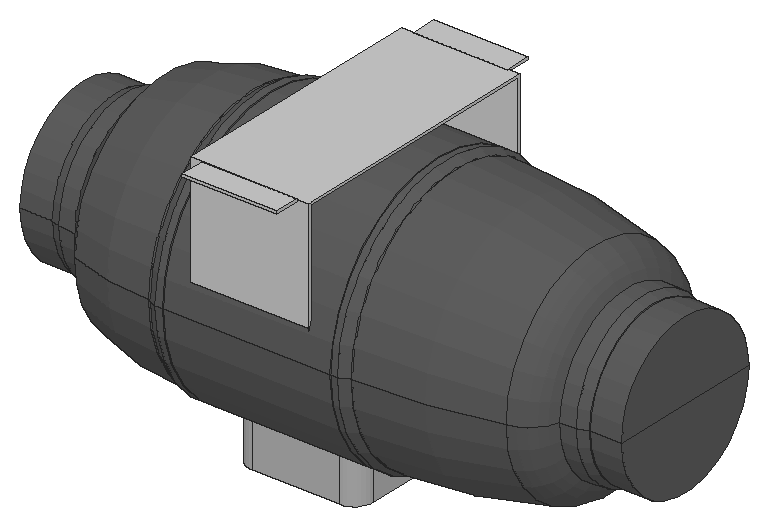
Revit family "AVS 125", category Mechanical Equipment, Revit 2023
Family settings
  Round Connector Dimension = Use Diameter
  Classification = None
  Part Type = Breaks Into
  OmniClass Number = 23.75.35.17.11
  OmniClass Title = Fans for Air Ductwork
  Work Plane-Based = No
  Always vertical = No
  Cut with Voids When Loaded = No
  Maintain Annotation Orientation = No
  Shared = No
  Room Calculation Point = No
Parameters (values of type "Aventa Silent AVS125")
  Weight = 4.60 kg
  Voltage = 230 V
  URL = "https://www.airflow.com/"
  Type Comments = "Inline fan single speed up to 340m3/h"
  Transported Air Temperature (°C) = "-25...+60"
  RPM (min-1) = 2310
  R1 = D1 / 2  # 107 mm
  Protection rating = "IPX4"
  Power Factor = 1
  Number of Poles = 1
  Noise Level at 3 m (dBa) = 28
  Mounting Hanger [instance] = yes
  Maintenance Zone Length Calc = if(Maintenance Zone Length < L, L, Maintenance Zone Length)  # 600 mm
  L27 = 6 mm
  L26 = 8 mm
  L25 = L21 - L22 - L23 - L24 - L26 - L27  # 110 mm
  L24 = 24 mm
  L21 = 169 mm
  L17 = 6 mm
  L16 = 8 mm
  L15 = L11 - L12 - L13 - L14 - L16 - L17  # 69 mm
  L14 = 19 mm
  L11 = 123 mm
  HangerW = 93 mm
  HangerL1 = 208 mm
  HangerL = 208 mm
  HangerH = HangerBaseH  # 113 mm
  HangerExtraL = yes
  HangerBaseH = 113 mm
  Model = "Aventa Silent AVS125"
  Manufacturer = "Airflow"
  Maintenance Zone Width = 600 mm
  Maintenance Zone Material = Maintenance Zone
  Maintenance Zone Length = 600 mm
  Maintenance Zone Height = 600 mm
  Maintenance Zone [instance] = no
  Load Classification = HVAC
  L23 = 13 mm
  L22 = 8 mm
  L2 = 25 mm
  L13 = 13 mm
  L12 = 8 mm
  L1 = 25 mm
  L = 474 mm
  Hanger Material = Metal Zinc
  Flow direction symbol [instance] = yes
  Flow Factor [instance] = 1  # constant formula
  Family Version = "1.0"  # constant formula
  ElBoxW = 116 mm
  ElBoxR = 15 mm  # constant formula
  ElBoxL = 98 mm
  ElBoxH = 124 mm
  Distribution Box Material = Distribution Box Dark Grey
  Description = "Inline mixed-flow fan suitable for domestic and light commercial facilities"
  Default Elevation = 0 mm
  Dd26 = 41 mm
  Dd24 = 26 mm
  Dd22 = 3 mm
  Dd23 = 4 mm
  Dd16 = 41 mm
  Dd14 = 28 mm
  Dd13 = 4 mm
  Dd12 = 3 mm
  D1 = 214 mm
  D = 125 mm
  Copyright = "©Airflow"
  Duct Connection Size = 125 mm
  Fan Material = Metal Black
  Maximum Air Flow = 340 m³/h
  Air Flow [instance] = 0 m³/h
  Power = 29 W
  Current = 0.13 A
  Apparent Power = Power / Power Factor  # 29 VA
Reference planes
  plane 1 "Center (Front/Back)": y = 0
  plane 2: z = 0
  plane 3 "Center (Left/Right)": x = 0
  plane 4: y = 62.5
  plane 5: y = -62.5
  plane 6: y = 107
  plane 7: y = -107
  plane 8: x = 474
  plane 9 "C": x = 280
  plane 10: x = 148
  plane 11 "CenterL": x = 237
  plane 12: x = 25
  plane 13: x = 142
  plane 14: y = 65.5
  plane 15 "CenterOfCentralPart": x = 214
  plane 16: y = 58
  plane 17: y = -58
  plane 18: x = 165
  plane 19: x = 263
  plane 20 "ElBoxHeight": z = -124
  plane 21 "HangerHeight": z = 113
  plane 22: y = 66.5
  plane 23: y = 90.5
  plane 24: x = 65
  plane 25: x = 46
  plane 26: x = 33
  plane 27: x = 134
  plane 28: y = 103.5
  plane 29: x = 135
  plane 30: x = 286
  plane 31: y = 65.5
  plane 32: y = 66.5
  plane 33: y = 88.5
  plane 34: x = 404
  plane 35: x = 428
  plane 36: x = 441
  plane 37: x = 294
  plane 38: y = 103.5
  plane 39: x = 293
  plane 40: x = 449
Forms (mm)
  Revolve 1, solid, material "Metal Black" <- "Fan Material", detail levels medium+fine
    sketch origin (368, 0, 0) x (1, 0, 0) y (0, 1, 0)
      loop
        line (-343, 0) -> (-220, 0) -> (-220, 107) -> (-226, 107) -> (-233, 103.5) -> (-234, 103.5)
        arc (-234, 103.5) -> (-269.107, 100.222) -> (-303, 90.5) r 189.615
        arc (-303, 90.5) -> (-312.901, 78.817) -> (-322, 66.5) r 229.385
        line (-322, 66.5) -> (-335, 65.5) -> (-343, 62.5) -> (-343, 0)
      axis (-220, 0) -> (-343, 0)
    angle from 0 to 360
  Revolve 2, solid, material "Metal Black" <- "Fan Material", detail levels medium+fine
    sketch origin (368, 0, 0) x (1, 0, 0) y (0, 1, 0)
      loop
        line (81, 62.5) -> (81, 0) -> (106, 0) -> (106, 62.5) -> (81, 62.5)
      axis (106, 0) -> (81, 0)
    angle from 0 to 360
  Revolve 3, solid, material "Metal Black" <- "Fan Material", detail levels medium+fine
    sketch origin (368, 0, 0) x (1, 0, 0) y (0, 1, 0)
      loop
        line (-368, 62.5) -> (-368, 0) -> (-343, 0) -> (-343, 62.5) -> (-368, 62.5)
      axis (-343, 0) -> (-368, 0)
    angle from 0 to 360
  Revolve 4, solid, material "Metal Black" <- "Fan Material", detail levels medium+fine
    sketch origin (0, 0, 0) x (1, 0, 0) y (0, 1, 0)
      loop
        line (148, 107) -> (148, 0) -> (280, 0) -> (280, 107) -> (148, 107)
      axis (148, 0) -> (280, 0)
    angle from 0 to 360
  Extrusion 5, solid, material "Distribution Box Dark Grey" <- "Distribution Box Material", detail levels medium+fine
    sketch origin (0, 0, 0) x (1, 0, 0) y (0, 1, 0)
      loop
        arc (180, 58) -> (169.393, 53.607) -> (165, 43) r 15
        line (165, 43) -> (165, -43)
        arc (165, -43) -> (169.393, -53.607) -> (180, -58) r 15
        line (180, -58) -> (248, -58)
        arc (248, -58) -> (258.607, -53.607) -> (263, -43) r 15
        line (263, -43) -> (263, 43)
        arc (263, 43) -> (258.607, 53.607) -> (248, 58) r 15
        line (248, 58) -> (180, 58)
    from 0 to -124
  Revolve 6, solid, material "Metal Black" <- "Fan Material", detail levels medium+fine
    sketch origin (117, 0, 0) x (-1, 0, 0) y (0, 1, 0)
      loop
        line (-332, 0) -> (-163, 0) -> (-163, 107) -> (-169, 107) -> (-176, 103.5) -> (-177, 103.5)
        arc (-177, 103.5) -> (-232.509, 99.733) -> (-287, 88.5) r 410.833
        arc (-287, 88.5) -> (-301.639, 80.379) -> (-311, 66.5) r 35.882
        line (-311, 66.5) -> (-324, 65.5) -> (-332, 62.5) -> (-332, 0)
      axis (-163, 0) -> (-332, 0)
    angle from 0 to 360
Cuts and joins
  joined: Revolve 1, Revolve 3
Dimensions and locks
  equal spacing: plane 4, plane 1 "Center (Front/Back)", plane 5
  "D": plane 4 to plane 5
  equal spacing: plane 7, plane 1 "Center (Front/Back)", plane 6
  "D1": plane 6 to plane 7
  "L": plane 3 "Center (Left/Right)" to plane 8
  equal spacing: plane 3 "Center (Left/Right)", plane 11 "CenterL", plane 8
  "L1": plane 3 "Center (Left/Right)" to plane 12
  "Dd12": plane 14 to plane 4
  equal spacing: plane 10, plane 15 "CenterOfCentralPart", plane 9 "C"
  equal spacing: plane 17, plane 1 "Center (Front/Back)", plane 16
  "ElBoxW": plane 16 to plane 17
  equal spacing: plane 18, plane 15 "CenterOfCentralPart", plane 19
  "ElBoxL": plane 18 to plane 19
  "ElBoxH": level to plane 20 "ElBoxHeight"
  "HangerBaseH": plane 21 "HangerHeight" to level
  "Dd13": plane 22 to plane 4
  "Dd14": plane 23 to plane 4
  "L11": plane 12 to plane 10
  "L12": plane 12 to plane 26
  "L13": plane 26 to plane 25
  "L14": plane 25 to plane 24
  "L17": plane 13 to plane 10
  "L16": plane 27 to plane 13
  "Dd16": plane 28 to plane 4
  locked: plane 27 to plane 29 at 1
  "L23": plane 36 to plane 35
  "L24": plane 35 to plane 34
  "L26": plane 37 to plane 30
  locked: plane 37 to plane 39 at 1
  "L2": plane 40 to plane 8
  "L21": plane 9 "C" to plane 40
  "L22": plane 36 to plane 40
  "L27": plane 9 "C" to plane 30
  "Dd22": plane 31 to plane 4
  "Dd23": plane 32 to plane 4
  "Dd24": plane 33 to plane 4
  "Dd26": plane 38 to plane 4
  "ElBoxR": radius of Extrusion 5 sketch curve  (x4)
  aligned and locked: level to plane 2
  aligned and locked: Revolve 2 sketch curve to plane 4
  aligned and locked: Revolve 2 sketch curve to plane 8
  aligned and locked: Revolve 2 sketch curve to plane 1 "Center (Front/Back)"
  aligned and locked: Revolve 3 sketch curve to plane 4
  aligned and locked: Revolve 3 sketch curve to plane 1 "Center (Front/Back)"
  aligned and locked: plane 3 "Center (Left/Right)" to Revolve 3 sketch curve
  aligned and locked: plane 1 "Center (Front/Back)" to nested 1
  aligned and locked: nested 2 to level
  aligned and locked: plane 1 "Center (Front/Back)" to nested 3
  aligned and locked: nested 3 to plane 3 "Center (Left/Right)"
  aligned and locked: plane 1 "Center (Front/Back)" to nested 4
  aligned and locked: Revolve 4 sketch curve to plane 6
  aligned and locked: Revolve 4 sketch curve to nested 4
  aligned and locked: Revolve 4 sketch curve to Revolve 4 sketch curve  (x2)
  aligned and locked: plane 11 "CenterL" to nested 4
  aligned and locked: Revolve 4 sketch curve to plane 9 "C"
  aligned and locked: plane 15 "CenterOfCentralPart" to nested 1
  aligned and locked: Extrusion 5 sketch curve to plane 16
  aligned and locked: plane 18 to Extrusion 5 sketch curve
  aligned and locked: plane 17 to Extrusion 5 sketch curve
  aligned and locked: Extrusion 5 sketch curve to plane 19
  aligned and locked: Extrusion 5 to plane 20 "ElBoxHeight"
  aligned and locked: plane 15 "CenterOfCentralPart" to nested 2
  aligned and locked: nested 5 to plane 1 "Center (Front/Back)"
  aligned and locked: plane 15 "CenterOfCentralPart" to nested 5
  aligned and locked: Revolve 1 sketch curve to plane 1 "Center (Front/Back)"
  aligned and locked: plane 4 to Revolve 1 sketch curve
  aligned and locked: plane 1 "Center (Front/Back)" to Revolve 1 sketch curve
  aligned and locked: Revolve 1 sketch curve to plane 6
  aligned and locked: plane 29 to Revolve 1 sketch curve
  aligned and locked: plane 28 to Revolve 1 sketch curve
  aligned and locked: Revolve 6 sketch curve to plane 39
  aligned and locked: Revolve 6 sketch curve to plane 38
  aligned and locked: Revolve 2 to plane 40
Automatic sketch dimensions
  plane 1 "Center (Front/Back)" to Revolve 2 sketch curve = 0 mm
  Revolve 2 sketch curve to plane 8 = 25 mm
  Revolve 2 sketch curve to plane 3 "Center (Left/Right)" = 1632 mm
  Revolve 2 sketch curve to Revolve 2 sketch curve = 2138 mm
  plane 1 "Center (Front/Back)" to Revolve 3 sketch curve = 0 mm
  Revolve 3 sketch curve to plane 12 = 0 mm
  Revolve 3 sketch curve to plane 3 "Center (Left/Right)" = 1646 mm
  plane 8 to Revolve 3 sketch curve = 2149 mm
  Revolve 4 sketch curve to plane 10 = 0 mm
  Revolve 4 sketch curve to plane 11 "CenterL" = 0 mm
  Revolve 1 sketch curve to plane 12 = 0 mm
  Revolve 1 sketch curve to plane 14 = 0 mm
  Revolve 1 sketch curve to plane 26 = 0 mm
  Revolve 1 sketch curve to plane 22 = 0 mm
  Revolve 1 sketch curve to plane 25 = 0 mm
  Revolve 1 sketch curve to plane 23 = 0 mm
  Revolve 1 sketch curve to plane 24 = 0 mm
  Revolve 1 sketch curve to plane 27 = 0 mm
  Revolve 1 sketch curve to plane 13 = 0 mm
  Revolve 1 sketch curve to plane 10 = 0 mm
  Revolve 1 sketch curve to plane 5 = 1.062 mm
  Revolve 1 sketch curve to plane 3 "Center (Left/Right)" = 2000 mm
  plane 8 to Revolve 1 sketch curve = 1495 mm
  plane 1 "Center (Front/Back)" to Revolve 6 sketch curve = 0 mm  (x2)
  Revolve 6 sketch curve to plane 40 = 0 mm
  Revolve 6 sketch curve to plane 31 = 0 mm
  Revolve 6 sketch curve to plane 36 = 0 mm
  Revolve 6 sketch curve to plane 32 = 0 mm
  Revolve 6 sketch curve to plane 35 = 0 mm
  Revolve 6 sketch curve to plane 33 = 0 mm  (x2)
  Revolve 6 sketch curve to plane 34 = 0 mm
  Revolve 6 sketch curve to plane 37 = 0 mm
  Revolve 6 sketch curve to plane 6 = 0 mm
  Revolve 6 sketch curve to plane 30 = 0 mm
  Revolve 6 sketch curve to plane 9 "C" = 0 mm
  Revolve 6 sketch curve to plane 4 = 0 mm
  Revolve 6 sketch curve to plane 8 = 1980 mm
  plane 3 "Center (Left/Right)" to Revolve 6 sketch curve = 1515 mm
Nested families
  nested 1: "GraphicalSymbol_Fun_FlowDirection" at (214, 0, 0), visible <- "Flow direction symbol", type "GraphicalSymbol_Fun_FlowDirection", detail levels medium+fine
    with Length 50 mm, Height 50 mm, B 25 mm, A 16.667 mm
  nested 2: "GraphicalSymbol_Fun_FlowDirection" at (214, 0, 0) x (1, 0, 0) z (0, -1, 0), type "GraphicalSymbol_Fun_FlowDirection"
    with Length 50 mm, Height 50 mm, B 25 mm, A 16.667 mm
  nested 3: "GraphicalSymbol_Fan_1" at (237, 0, 0), type "GraphicalSymbol_Fan_1", detail levels coarse
    with Diameter 474 mm, A 118.5 mm
  nested 4: "MaintenanceZone_Rect" at (237, 0, 0), visible <- "Maintenance Zone", type "MaintenanceZone_Rect", detail levels medium+fine
    with Maintenance Zone Width 600 mm, Maintenance Zone Length 600 mm, Maintenance Zone Height 600 mm
  nested 5: "MountingHanger" at (214, 0, 113) x (0, 1, 0) z (0, 0, -1), visible <- "Mounting Hanger", type "MountingHanger", detail levels medium+fine
    with Width1 74.4 mm, Width 93 mm, Length2 248 mm, Length 208 mm, Lenght1Calc 207.5 mm, Length1 208 mm, Height 113 mm, ExtraLength yes
Connectors
  hvac at (0, 0, 0), driven by "Duct Connection Size", driven by "Air Flow"
    settings: on cut or joined group of Revolve 1, Revolve 3, index 4, duct flow 0 m³/h, flow factor 0, pres drop 0.0 Pa, loss coef 0, conn angle 0.00°, conn width 304.8 mm, conn height 304.8 mm, conn diameter 125 mm, duct sys type 29, conn prof type 0, flow config 0, flow direction 0, loss method 0, conn ref index 5, conn util no, is conn primary yes, conn desc ""
  hvac at (474, 0, 0), driven by "Duct Connection Size"
    settings: on Revolve 2, index 5, duct flow 0 m³/h, flow factor 0, pres drop 0.0 Pa, loss coef 0, conn angle 0.00°, conn width 304.8 mm, conn height 304.8 mm, conn diameter 125 mm, duct sys type 28, conn prof type 0, flow config 0, flow direction 0, loss method 0, conn ref index 4, conn util no, is conn primary no, conn desc ""
  electrical at (214, 0, -124), driven by "Number of Poles", driven by "Load Classification", driven by "Voltage", driven by "Apparent Power", driven by "Power Factor"
    settings: on Extrusion 5, index 6, voltage 230 V, apparent load 29 VA, apparent load phase1 0 VA, apparent load phase2 0 VA, apparent load phase3 0 VA, power factor 1, load classification "HVAC", number of poles 1, system type 30, power factor state 1, is connector primary yes, connector utility no, sub classification motor no, connector description ""
Definition of nested family "MaintenanceZone_Rect"
  Parameters (values of type "MaintenanceZone_Rect")
    Maintenance Zone Width = 500 mm
    Material = none
    Maintenance Zone Length = 1000 mm
    Maintenance Zone Height = 300 mm
    Family Version = ""
    Default Elevation = 1219.2 mm
    Copyright = ""
  Reference planes
    plane 1 "Center (Front/Back)": y = 0
    plane 2: z = 0
    plane 3 "Center (Left/Right)": x = 0
    plane 4: x = -500
    plane 5: x = 500
    plane 6: y = 250
    plane 7: y = -250
    plane 8: z = -300
  Forms (mm)
    Extrusion 1, solid, material <- "Material", detail levels medium+fine
      sketch origin (0, 0, 0) x (1, 0, 0) y (0, 1, 0)
        loop
          line (-500, 250) -> (-500, -250) -> (500, -250) -> (500, 250) -> (-500, 250)
      from 0 to -300
  Lines and regions (mm)
    symbolic lines, detail levels medium+fine
      curve 1: line (-500, 0, 0) -> (500, 0, 0)
      curve 2: line (-500, 0, -300) -> (-500, 0, 0)
      curve 3: line (500, 0, -300) -> (-500, 0, -300)
      curve 4: line (500, 0, 0) -> (500, 0, -300)
      curve 5: line (0, 250, 0) -> (0, -250, 0)
      curve 6: line (0, 250, -300) -> (0, 250, 0)
      curve 7: line (0, -250, -300) -> (0, 250, -300)
      curve 8: line (0, -250, 0) -> (0, -250, -300)
      curve 9: line (-500, 250, 0) -> (500, 250, 0)
      curve 10: line (-500, -250, 0) -> (-500, 250, 0)
      curve 11: line (500, -250, 0) -> (-500, -250, 0)
      curve 12: line (500, 250, 0) -> (500, -250, 0)
  Dimensions and locks
    equal spacing: plane 6, plane 1 "Center (Front/Back)", plane 7
    equal spacing: plane 4, plane 3 "Center (Left/Right)", plane 5
    "Maintenance Zone Width": plane 6 to plane 7
    "Maintenance Zone Length": plane 4 to plane 5
    "Maintenance Zone Height": plane 2 to plane 8
    aligned and locked: level to plane 2
    aligned and locked: Extrusion 1 sketch curve to plane 6
    aligned and locked: plane 4 to Extrusion 1 sketch curve
    aligned and locked: plane 7 to Extrusion 1 sketch curve
    aligned and locked: Extrusion 1 sketch curve to plane 5
    aligned and locked: Extrusion 1 to plane 8
    aligned and locked: curve 1 to Extrusion 1
    aligned and locked: curve 2 to Extrusion 1
    aligned and locked: curve 3 to Extrusion 1
    aligned and locked: curve 4 to Extrusion 1
    aligned and locked: curve 5 to Extrusion 1
    aligned and locked: curve 6 to Extrusion 1
    aligned and locked: curve 7 to Extrusion 1
    aligned and locked: curve 8 to Extrusion 1
    aligned and locked: curve 9 to Extrusion 1
    aligned and locked: curve 10 to Extrusion 1
    aligned and locked: curve 11 to Extrusion 1
    aligned and locked: curve 12 to Extrusion 1
Definition of nested family "MountingHanger"
  Parameters (values of type "MountingHanger")
    Width1 = Width * 0.8  # 160 mm
    Width = 200 mm
    Thikness = 2 mm
    Material = none
    Length2 = Length + 20 mm * 2  # 518 mm
    Length = 478 mm
    Lenght1Calc = if(Length1 = Length, Length - 0.5 mm, Length1)  # 396 mm
    Length1 = 396 mm
    Height1 = 10 mm
    Height = 219 mm
    ExtraLength = no
    Default Elevation = 1219.2 mm
  Reference planes
    plane 1 "Center (Front/Back)": y = 0
    plane 2: z = 0
    plane 3 "Center (Left/Right)": x = 0
    plane 4: x = -239
    plane 5: x = 239
    plane 6: y = 100
    plane 7: y = -100
    plane 8: z = 219
    plane 9: x = -198
    plane 10: x = 198
    plane 11: z = 209
    plane 12: y = 80
    plane 13: y = -80
    plane 14: x = -259
    plane 15: x = 259
    plane 16: x = -239
    plane 17: x = 239
  Forms (mm)
    Extrusion 1, solid, material <- "Material"
      sketch origin (0, 0, 0) x (1, 0, 0) y (0, 0, 1)
        loop
          line (-198, 209) -> (-239, 0) -> (239, 0) -> (198, 209) -> (198, 219) -> (196, 219) -> (196, 208.806) -> (236.57, 2) -> (-236.57, 2) -> (-196, 208.806) -> (-196, 219) -> (-198, 219) -> (-198, 209)
      from -100 to 100
    Extrusion 2, solid, material <- "Material", visible <- "ExtraLength"
      sketch origin (0, 0, 0) x (1, 0, 0) y (0, 1, 0)
        loop
          line (-259, 80) -> (-259, -80) -> (-239, -80) -> (-239, 80) -> (-259, 80)
        loop
          line (239, 80) -> (239, -80) -> (259, -80) -> (259, 80) -> (239, 80)
      from 0 to 2
  Dimensions and locks
    equal spacing: plane 4, plane 3 "Center (Left/Right)", plane 5
    "Length": plane 4 to plane 5
    plane 8 to level = 219 mm
    equal spacing: plane 6, plane 1 "Center (Front/Back)", plane 7
    "Width": plane 6 to plane 7
    "Height": plane 8 to level
    "Thikness": Extrusion 1 sketch curve to level
    "Thikness": Extrusion 1 sketch curve to Extrusion 1 sketch curve  (x2)
    "Thikness": Extrusion 1 sketch curve to plane 9
    "Thikness": plane 10 to Extrusion 1 sketch curve
    equal spacing: plane 9, plane 3 "Center (Left/Right)", plane 10
    "Lenght1Calc": plane 9 to plane 10
    "Height1": plane 8 to plane 11
    equal spacing: plane 12, plane 1 "Center (Front/Back)", plane 13
    "Width1": plane 12 to plane 13
    equal spacing: plane 14, plane 3 "Center (Left/Right)", plane 15
    "Length2": plane 14 to plane 15
    "Thikness": Extrusion 2 to level
    equal spacing: plane 16, plane 3 "Center (Left/Right)", plane 17
    "Length": plane 16 to plane 17
    aligned and locked: level to plane 2
    aligned and locked: plane 6 to Extrusion 1
    aligned and locked: Extrusion 1 to plane 7
    aligned and locked: plane 9 to Extrusion 1 sketch curve
    aligned and locked: plane 10 to Extrusion 1 sketch curve
    aligned and locked: Extrusion 2 sketch curve to plane 12  (x2)
    aligned and locked: plane 14 to Extrusion 2 sketch curve
    aligned and locked: plane 13 to Extrusion 2 sketch curve  (x2)
    aligned and locked: Extrusion 2 sketch curve to plane 16
    aligned and locked: plane 17 to Extrusion 2 sketch curve
    aligned and locked: Extrusion 2 sketch curve to plane 15
  Automatic sketch dimensions
    Extrusion 1 sketch curve to level = 0 mm
    Extrusion 1 sketch curve to plane 4 = 0 mm
    Extrusion 1 sketch curve to plane 5 = 0 mm
    Extrusion 1 sketch curve to plane 11 = 0 mm  (x2)
    Extrusion 1 sketch curve to plane 8 = 0 mm  (x2)
Definition of nested family "GraphicalSymbol_Fun_FlowDirection"
  Parameters (values of type "GraphicalSymbol_Fun_FlowDirection")
    Length = 100 mm
    Height = Length  # 100 mm
    B = Length / 2  # 50 mm
    A = Length / 3  # 33.333 mm
  Reference planes
    plane 1 "Center (Front/Back)": y = 0
    plane 2: z = 0
    plane 3 "Center (Left/Right)": x = 0
    plane 4: x = -33.333
    plane 5: x = 50
    plane 6: y = 50
    plane 7: y = -50
  Lines and regions (mm)
    detail lines, in view "Ref. Level"
      curve 1: line (-33.333, 50, 0) -> (-33.333, -50, 0)
      curve 2: line (50, 0, 0) -> (-33.333, -50, 0)
      curve 3: line (50, 0, 0) -> (-33.333, 50, 0)
  Dimensions and locks
    "A": plane 4 to plane 3 "Center (Left/Right)"
    "B": plane 3 "Center (Left/Right)" to plane 5
    equal spacing: plane 6, plane 1 "Center (Front/Back)", plane 7
    "Height": plane 6 to plane 7
    aligned and locked: curve 1 to plane 4
  Automatic sketch dimensions
    plane 1 "Center (Front/Back)" to curve 3 = 0 mm
    curve 3 to plane 5 = 0 mm
    curve 2 to plane 7 = 0 mm
    curve 3 to plane 6 = 0 mm
Definition of nested family "GraphicalSymbol_Fan_1"
  Parameters (values of type "GraphicalSymbol_Fan_1")
    Diameter = 100 mm
    Default Elevation = 1219.2 mm
    A = Diameter / 4  # 25 mm
  Reference planes
    plane 1 "Center (Front/Back)": y = 0
    plane 2: z = 0
    plane 3 "Center (Left/Right)": x = 0
    plane 4: x = -25
  Lines and regions (mm)
    model lines
      curve 1: circle (0, 0, 0) r 50 normal (0, 0, 1)
      curve 4: line (-25, 43.301, 0) -> (-25, -43.301, 0)
      curve 5: line (-25, 43.301, 0) -> (50, 0, 0)
      curve 6: line (-25, -43.301, 0) -> (50, 0, 0)
    reference lines
      curve 2: line (50, 141.389, 0) -> (50, -158.611, 0)
      curve 3: line (-50, 141.389, 0) -> (-50, -158.611, 0)
  Dimensions and locks
    equal spacing: curve 3, plane 3 "Center (Left/Right)", curve 2
    "Diameter": curve 3 to curve 2
    "A": plane 4 to plane 3 "Center (Left/Right)"
    "Diameter": diameter of curve 1
    aligned and locked: level to plane 2
  Automatic sketch dimensions
    curve 4 to plane 4 = 0 mm
    plane 1 "Center (Front/Back)" to curve 1 = 0 mm
    curve 1 to plane 3 "Center (Left/Right)" = 0 mm
    plane 1 "Center (Front/Back)" to curve 6 = 0 mm
    plane 1 "Center (Front/Back)" to curve 2 = 158.611 mm
    curve 3 to curve 2 = 0 mm  (x2)
    curve 3 to plane 1 "Center (Front/Back)" = 141.389 mm
